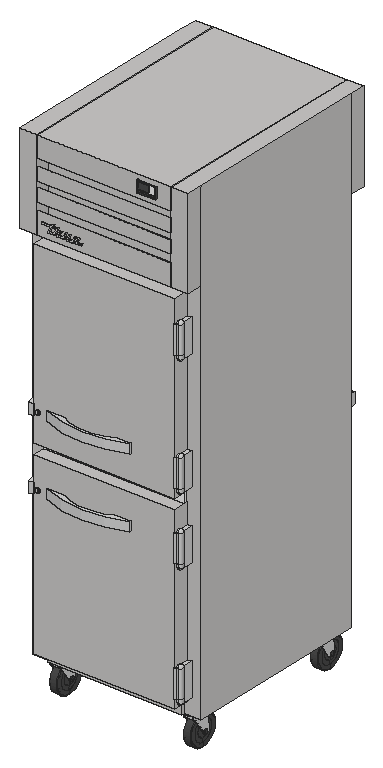
Revit family "QF_TRUE_STG1RPT-2HS-1S-HC", category Specialty Equipment, Revit 2012 (continued)
Automatic sketch dimensions
  Extrusion 6 sketch curve to Extrusion 6 sketch curve = 0.0324"
  Extrusion 6 sketch curve to Extrusion 6 sketch curve = 0.26185"
  Extrusion 6 sketch curve to Extrusion 6 sketch curve = 11/256"
  Extrusion 6 sketch curve to Extrusion 6 sketch curve = 0.07366"
  Extrusion 6 sketch curve to Extrusion 6 sketch curve = 0.02187"
  Extrusion 6 sketch curve to Extrusion 6 sketch curve = 0.06479"
  Extrusion 6 sketch curve to Extrusion 6 sketch curve = 0.01183"
  Extrusion 6 sketch curve to Extrusion 6 sketch curve = 0.05778"
  Extrusion 6 sketch curve to Extrusion 6 sketch curve = 0.53375"
  Extrusion 6 sketch curve to Extrusion 6 sketch curve = 0.23098"
  Extrusion 6 sketch curve to Extrusion 6 sketch curve = 0"
  Extrusion 6 sketch curve to Extrusion 6 sketch curve = 0.05045"
  Extrusion 6 sketch curve to Extrusion 6 sketch curve = 0.09139"
  Extrusion 6 sketch curve to Extrusion 6 sketch curve = 29/128"  (x3)
  Extrusion 9 sketch curve to Extrusion 9 sketch curve = 1/4"  (x2)
  Extrusion 9 sketch curve to Extrusion 9 sketch curve = 0.50669"  (x2)
  Extrusion 9 sketch curve to plane 6 = 0.63926"  (x2)
  Extrusion 9 sketch curve to Extrusion 9 sketch curve = 2 1/2"  (x2)
  level to Extrusion 9 sketch curve = 2.59003"
  Extrusion 9 sketch curve to Extrusion 9 sketch curve = 0.59966"  (x2)
  Extrusion 9 sketch curve to Extrusion 9 sketch curve = 0.07363"
  level to Extrusion 9 sketch curve = 2.5164"
  Extrusion 9 sketch curve to Extrusion 9 sketch curve = 0.32905"
  Extrusion 9 sketch curve to Extrusion 9 sketch curve = 0.60485"  (x2)
  Extrusion 10 sketch curve to Extrusion 10 sketch curve = 1/4"  (x2)
  Extrusion 10 sketch curve to Extrusion 10 sketch curve = 0.50669"  (x2)
  Extrusion 10 sketch curve to plane 6 = 0.63926"  (x2)
  Extrusion 10 sketch curve to Extrusion 10 sketch curve = 2 1/2"  (x2)
  level to Extrusion 10 sketch curve = 2.59003"
  Extrusion 10 sketch curve to Extrusion 10 sketch curve = 0.59966"  (x2)
  Extrusion 10 sketch curve to Extrusion 10 sketch curve = 0.07363"
  level to Extrusion 10 sketch curve = 2.5164"
  Extrusion 10 sketch curve to Extrusion 10 sketch curve = 0.32905"
  Extrusion 10 sketch curve to Extrusion 10 sketch curve = 0.60485"  (x2)
  Extrusion 15 sketch curve to Extrusion 15 sketch curve = 1/4"  (x2)
  Extrusion 15 sketch curve to plane 6 = 0.63926"  (x2)
  Extrusion 15 sketch curve to Extrusion 15 sketch curve = 2 1/2"  (x2)
  Extrusion 15 sketch curve to plane 6 = 0.93273"  (x2)
  Extrusion 15 sketch curve to Extrusion 15 sketch curve = 0.03603"
  Extrusion 15 sketch curve to plane 6 = 1.24411"
  plane 2 "LEFT" to Revolve 16 sketch curve = 1.33602"
  Revolve 16 sketch curve to Revolve 16 sketch curve = 0.48273"
  Revolve 16 sketch curve to Revolve 16 sketch curve = 0.1"  (x2)
  Revolve 16 sketch curve to Revolve 16 sketch curve = 0.16101"  (x2)
  Revolve 16 sketch curve to Revolve 16 sketch curve = 1/2"
  Revolve 16 sketch curve to Revolve 16 sketch curve = 0.16509"  (x2)
  Revolve 16 sketch curve to Revolve 16 sketch curve = 0.39592"
  level to Revolve 16 sketch curve = 2 1/2"
  Revolve 16 sketch curve to Revolve 16 sketch curve = 0"
  Revolve 16 sketch curve to Revolve 16 sketch curve = 0.29941"  (x2)
  Revolve 16 sketch curve to Revolve 16 sketch curve = 3/4"  (x4)
  Revolve 16 sketch curve to Revolve 16 sketch curve = 0.59652"
  Revolve 16 sketch curve to Revolve 16 sketch curve = 0.60059"
  Extrusion 17 sketch curve to Extrusion 17 sketch curve = 1/4"  (x2)
  Extrusion 17 sketch curve to Extrusion 17 sketch curve = 0.50669"  (x2)
  Extrusion 17 sketch curve to plane 6 = 0.63926"  (x2)
  Extrusion 17 sketch curve to Extrusion 17 sketch curve = 2 1/2"  (x2)
  level to Extrusion 17 sketch curve = 2.59003"
  Extrusion 17 sketch curve to Extrusion 17 sketch curve = 0.59966"  (x2)
  Extrusion 17 sketch curve to Extrusion 17 sketch curve = 0.07363"
  level to Extrusion 17 sketch curve = 2.5164"
  Extrusion 17 sketch curve to Extrusion 17 sketch curve = 0.32905"
  Extrusion 17 sketch curve to Extrusion 17 sketch curve = 0.60485"  (x2)
  Extrusion 18 sketch curve to Extrusion 18 sketch curve = 1/4"  (x2)
  Extrusion 18 sketch curve to Extrusion 18 sketch curve = 0.50669"  (x2)
  Extrusion 18 sketch curve to plane 6 = 0.63926"  (x2)
  Extrusion 18 sketch curve to Extrusion 18 sketch curve = 2 1/2"  (x2)
  level to Extrusion 18 sketch curve = 2.59003"
  Extrusion 18 sketch curve to Extrusion 18 sketch curve = 0.59966"  (x2)
  Extrusion 18 sketch curve to Extrusion 18 sketch curve = 0.07363"
  level to Extrusion 18 sketch curve = 2.5164"
  Extrusion 18 sketch curve to Extrusion 18 sketch curve = 0.32905"
  Extrusion 18 sketch curve to Extrusion 18 sketch curve = 0.60485"  (x2)
  Revolve 19 sketch curve to plane 6 = 0.62954"
  Revolve 19 sketch curve to Revolve 19 sketch curve = 0.10278"
  Revolve 19 sketch curve to plane 6 = 0.00141"
  plane 6 to Revolve 19 sketch curve = 0.26768"
  Revolve 20 sketch curve to level = 0"
  Revolve 20 sketch curve to Revolve 20 sketch curve = 1/4"
  Revolve 20 sketch curve to plane 6 = 0"
  level to Revolve 20 sketch curve = 1"
  Revolve 20 sketch curve to Revolve 20 sketch curve = 5/8"
  plane 6 to Revolve 20 sketch curve = 1 25/32"
  Revolve 21 sketch curve to level = 0"
  Revolve 21 sketch curve to Revolve 21 sketch curve = 1/4"
  Revolve 21 sketch curve to plane 6 = 0"
  level to Revolve 21 sketch curve = 1"
  Revolve 21 sketch curve to Revolve 21 sketch curve = 5/8"
  plane 6 to Revolve 21 sketch curve = 1 25/32"
  Revolve 22 sketch curve to plane 6 = 0.62954"
  Revolve 22 sketch curve to Revolve 22 sketch curve = 0.10278"
  Revolve 22 sketch curve to plane 6 = 0.00141"
  plane 6 to Revolve 22 sketch curve = 0.26768"
  Extrusion 23 sketch curve to Extrusion 23 sketch curve = 1/4"  (x2)
  Extrusion 23 sketch curve to plane 6 = 0.63926"  (x2)
  Extrusion 23 sketch curve to Extrusion 23 sketch curve = 2 1/2"  (x2)
  Extrusion 23 sketch curve to plane 6 = 0.93273"  (x2)
  Extrusion 23 sketch curve to Extrusion 23 sketch curve = 0.03603"
  Extrusion 23 sketch curve to plane 6 = 1.24411"
  plane 2 "LEFT" to Extrusion 26 sketch curve = 3/64"
  Extrusion 27 sketch curve to Extrusion 27 sketch curve = 0.20453"
  Extrusion 27 sketch curve to plane 5 "TOP" = 19.57271"
  Extrusion 27 sketch curve to Extrusion 27 sketch curve = 4.39928"
  Extrusion 27 sketch curve to Extrusion 27 sketch curve = 0.71221"
  Revolve 28 sketch curve to Revolve 28 sketch curve = 0.40666"
  Revolve 28 sketch curve to Revolve 28 sketch curve = 0"  (x2)
  Revolve 28 sketch curve to plane 5 "TOP" = 18.75492"
  Revolve 28 sketch curve to Revolve 28 sketch curve = 0.55526"
  Revolve 28 sketch curve to Revolve 28 sketch curve = 0.19474"
  Revolve 28 sketch curve to Revolve 28 sketch curve = 0.14649"
  Revolve 28 sketch curve to Revolve 28 sketch curve = 4.42889"
  Revolve 28 sketch curve to Revolve 28 sketch curve = 0.05342"
  Revolve 28 sketch curve to Revolve 28 sketch curve = 0.51246"
  Revolve 28 sketch curve to Revolve 28 sketch curve = 0.05889"
  Extrusion 29 sketch curve to Extrusion 29 sketch curve = 0.39759"
  Extrusion 29 sketch curve to plane 5 "TOP" = 19.6514"
  Extrusion 29 sketch curve to Extrusion 29 sketch curve = 4.47281"
  Extrusion 30 sketch curve to Extrusion 30 sketch curve = 0.20453"
  plane 6 to Extrusion 30 sketch curve = 38.92729"
  Extrusion 30 sketch curve to Extrusion 30 sketch curve = 4.39928"
  Extrusion 30 sketch curve to Extrusion 30 sketch curve = 0.71221"
  Revolve 31 sketch curve to Revolve 31 sketch curve = 0.40666"
  Revolve 31 sketch curve to Revolve 31 sketch curve = 0"  (x2)
  Revolve 31 sketch curve to plane 5 "TOP" = 38.25492"
  Revolve 31 sketch curve to Revolve 31 sketch curve = 0.55526"
  Revolve 31 sketch curve to Revolve 31 sketch curve = 0.19474"
  Revolve 31 sketch curve to Revolve 31 sketch curve = 0.14649"
  Revolve 31 sketch curve to Revolve 31 sketch curve = 4.42889"
  Revolve 31 sketch curve to Revolve 31 sketch curve = 0.05342"
  Revolve 31 sketch curve to Revolve 31 sketch curve = 0.51246"
  Revolve 31 sketch curve to Revolve 31 sketch curve = 0.05889"
  Extrusion 32 sketch curve to Extrusion 32 sketch curve = 0.39759"
  plane 6 to Extrusion 32 sketch curve = 38.8486"
  Extrusion 32 sketch curve to Extrusion 32 sketch curve = 4.47281"
  Extrusion 33 sketch curve to Extrusion 33 sketch curve = 0.20453"
  plane 6 to Extrusion 33 sketch curve = 27.92729"
  Extrusion 33 sketch curve to Extrusion 33 sketch curve = 4.39928"
  Extrusion 33 sketch curve to Extrusion 33 sketch curve = 0.71221"
  Revolve 34 sketch curve to Revolve 34 sketch curve = 0.40666"
  Revolve 34 sketch curve to Revolve 34 sketch curve = 0"  (x2)
  plane 6 to Revolve 34 sketch curve = 28.74508"
  Revolve 34 sketch curve to Revolve 34 sketch curve = 0.55526"
  Revolve 34 sketch curve to Revolve 34 sketch curve = 0.19474"
  Revolve 34 sketch curve to Revolve 34 sketch curve = 0.14649"
  Revolve 34 sketch curve to Revolve 34 sketch curve = 4.42889"
  Revolve 34 sketch curve to Revolve 34 sketch curve = 0.05342"
  Revolve 34 sketch curve to Revolve 34 sketch curve = 0.51246"
  Revolve 34 sketch curve to Revolve 34 sketch curve = 0.05889"
  Extrusion 35 sketch curve to Extrusion 35 sketch curve = 0.39759"
  plane 6 to Extrusion 35 sketch curve = 27.8486"
  Extrusion 35 sketch curve to Extrusion 35 sketch curve = 4.47281"
  Extrusion 36 sketch curve to Extrusion 36 sketch curve = 0.20453"
  plane 6 to Extrusion 36 sketch curve = 8.17729"
  plane 6 to Extrusion 36 sketch curve = 3.57348"
  Extrusion 36 sketch curve to Extrusion 36 sketch curve = 0.75105"
  Revolve 37 sketch curve to Revolve 37 sketch curve = 0"
  plane 6 to Revolve 37 sketch curve = 8.99508"
  Revolve 37 sketch curve to Revolve 37 sketch curve = 0.55526"
  Revolve 37 sketch curve to Revolve 37 sketch curve = 0.19474"
  Revolve 37 sketch curve to Revolve 37 sketch curve = 0.14649"
  plane 6 to Revolve 37 sketch curve = 3.62689"
  Revolve 37 sketch curve to Revolve 37 sketch curve = 0.05342"
  Revolve 37 sketch curve to Revolve 37 sketch curve = 0.51246"
  Revolve 37 sketch curve to Revolve 37 sketch curve = 0.05889"
  Extrusion 38 sketch curve to Extrusion 38 sketch curve = 0.39759"
  plane 6 to Extrusion 38 sketch curve = 8.0986"
  plane 6 to Extrusion 38 sketch curve = 3.62579"
  Extrusion 43 sketch curve to Extrusion 43 sketch curve = 0.20453"
  Extrusion 43 sketch curve to plane 5 "TOP" = 19.66646"
  Extrusion 43 sketch curve to Extrusion 43 sketch curve = 4.39928"
  Extrusion 43 sketch curve to Extrusion 43 sketch curve = 0.71221"
  Revolve 44 sketch curve to Revolve 44 sketch curve = 0.40666"
  Revolve 44 sketch curve to Revolve 44 sketch curve = 0"  (x2)
  Revolve 44 sketch curve to plane 5 "TOP" = 18.84867"
  Revolve 44 sketch curve to Revolve 44 sketch curve = 0.55526"
  Revolve 44 sketch curve to Revolve 44 sketch curve = 0.19474"
  Revolve 44 sketch curve to Revolve 44 sketch curve = 0.14649"
  Revolve 44 sketch curve to Revolve 44 sketch curve = 4.42889"
  Revolve 44 sketch curve to Revolve 44 sketch curve = 0.05342"
  Revolve 44 sketch curve to Revolve 44 sketch curve = 0.51246"
  Revolve 44 sketch curve to Revolve 44 sketch curve = 0.05889"
  Extrusion 46 sketch curve to Extrusion 46 sketch curve = 0.20453"
  plane 6 to Extrusion 46 sketch curve = 38.83354"
  Extrusion 46 sketch curve to Extrusion 46 sketch curve = 4.39928"
  Extrusion 46 sketch curve to Extrusion 46 sketch curve = 0.71221"
  Revolve 47 sketch curve to Revolve 47 sketch curve = 0.40666"
  Revolve 47 sketch curve to Revolve 47 sketch curve = 0"  (x2)
  Revolve 47 sketch curve to plane 5 "TOP" = 38.34867"
  Revolve 47 sketch curve to Revolve 47 sketch curve = 0.55526"
  Revolve 47 sketch curve to Revolve 47 sketch curve = 0.19474"
  Revolve 47 sketch curve to Revolve 47 sketch curve = 0.14649"
  Revolve 47 sketch curve to Revolve 47 sketch curve = 4.42889"
  Revolve 47 sketch curve to Revolve 47 sketch curve = 0.05342"
  Revolve 47 sketch curve to Revolve 47 sketch curve = 0.51246"
  Revolve 47 sketch curve to Revolve 47 sketch curve = 0.05889"
  Extrusion 49 sketch curve to Extrusion 49 sketch curve = 0.20453"
  plane 6 to Extrusion 49 sketch curve = 27.83354"
  Extrusion 49 sketch curve to Extrusion 49 sketch curve = 4.39928"
  Extrusion 49 sketch curve to Extrusion 49 sketch curve = 0.71221"
  Revolve 50 sketch curve to Revolve 50 sketch curve = 0.40666"
  Revolve 50 sketch curve to Revolve 50 sketch curve = 0"  (x2)
  plane 6 to Revolve 50 sketch curve = 28.65133"
  Revolve 50 sketch curve to Revolve 50 sketch curve = 0.55526"
  Revolve 50 sketch curve to Revolve 50 sketch curve = 0.19474"
  Revolve 50 sketch curve to Revolve 50 sketch curve = 0.14649"
  Revolve 50 sketch curve to Revolve 50 sketch curve = 4.42889"
  Revolve 50 sketch curve to Revolve 50 sketch curve = 0.05342"
  Revolve 50 sketch curve to Revolve 50 sketch curve = 0.51246"
  Revolve 50 sketch curve to Revolve 50 sketch curve = 0.05889"
  Extrusion 52 sketch curve to Extrusion 52 sketch curve = 0.20453"
  plane 6 to Extrusion 52 sketch curve = 8.08354"
  plane 6 to Extrusion 52 sketch curve = 3.47973"
  Extrusion 52 sketch curve to Extrusion 52 sketch curve = 0.71221"
  Revolve 53 sketch curve to Revolve 53 sketch curve = 0.40666"
  Revolve 53 sketch curve to Revolve 53 sketch curve = 0"  (x2)
  plane 6 to Revolve 53 sketch curve = 8.90133"
  Revolve 53 sketch curve to Revolve 53 sketch curve = 0.55526"
  Revolve 53 sketch curve to Revolve 53 sketch curve = 0.19474"
  Revolve 53 sketch curve to Revolve 53 sketch curve = 0.14649"
  plane 6 to Revolve 53 sketch curve = 3.53314"
  Revolve 53 sketch curve to Revolve 53 sketch curve = 0.05342"
  Revolve 53 sketch curve to Revolve 53 sketch curve = 0.51246"
  Revolve 53 sketch curve to Revolve 53 sketch curve = 0.05889"
  Extrusion 55 sketch curve to Extrusion 55 sketch curve = 0.0555"
  plane 6 to Extrusion 55 sketch curve = 25.91365"
  Extrusion 55 sketch curve to Extrusion 55 sketch curve = 0.27385"
  Extrusion 55 sketch curve to Extrusion 55 sketch curve = 0.29355"
  Blend 56 sketch curve to Blend 56 sketch curve = 3/4"
  plane 6 to Blend 56 sketch curve = 27.00831"
  Blend 56 sketch curve to Blend 56 sketch curve = 1 3/4"
  Blend 56 sketch curve to Blend 56 sketch curve = 0.93223"
  plane 6 to Blend 56 sketch curve = 27.6059"
  Blend 56 sketch curve to Blend 56 sketch curve = 2.78233"
  Extrusion 57 sketch curve to plane 4 "FRONT" = 3/16"  (x2)
  Extrusion 57 sketch curve to Extrusion 57 sketch curve = 2.37851"  (x2)
  Extrusion 57 sketch curve to Extrusion 57 sketch curve = 0"
  Extrusion 57 sketch curve to Extrusion 57 sketch curve = 0.2122"
  Extrusion 57 sketch curve to Extrusion 57 sketch curve = 7.30945"
  Extrusion 61 sketch curve to Extrusion 61 sketch curve = 0.0555"
  plane 6 to Extrusion 61 sketch curve = 37.26895"
  Extrusion 61 sketch curve to Extrusion 61 sketch curve = 0.29355"
  Extrusion 61 sketch curve to Extrusion 61 sketch curve = 0.27385"
  Blend 62 sketch curve to Blend 62 sketch curve = 3/4"
  plane 6 to Blend 62 sketch curve = 38.49169"
  Blend 62 sketch curve to Blend 62 sketch curve = 1 3/4"
  Blend 62 sketch curve to Blend 62 sketch curve = 0.93223"
  plane 6 to Blend 62 sketch curve = 38.92643"
  Blend 62 sketch curve to Blend 62 sketch curve = 2.78233"
  Extrusion 63 sketch curve to plane 4 "FRONT" = 3/16"  (x2)
  Extrusion 63 sketch curve to Extrusion 63 sketch curve = 2.37851"  (x2)
  Extrusion 63 sketch curve to Extrusion 63 sketch curve = 0"
  Extrusion 63 sketch curve to Extrusion 63 sketch curve = 0.2122"
  Extrusion 63 sketch curve to Extrusion 63 sketch curve = 7.30945"
  plane 2 "LEFT" to Revolve 65 sketch curve = 1.33602"
  Revolve 65 sketch curve to Revolve 65 sketch curve = 0.48273"
  Revolve 65 sketch curve to Revolve 65 sketch curve = 0.1"  (x2)
  Revolve 65 sketch curve to Revolve 65 sketch curve = 0.16101"  (x2)
  Revolve 65 sketch curve to Revolve 65 sketch curve = 1/2"
  Revolve 65 sketch curve to Revolve 65 sketch curve = 0.16509"  (x2)
  Revolve 65 sketch curve to Revolve 65 sketch curve = 0.39592"
  level to Revolve 65 sketch curve = 2 1/2"
  Revolve 65 sketch curve to Revolve 65 sketch curve = 0"
  Revolve 65 sketch curve to Revolve 65 sketch curve = 0.29941"  (x2)
  Revolve 65 sketch curve to Revolve 65 sketch curve = 3/4"  (x4)
  Revolve 65 sketch curve to Revolve 65 sketch curve = 0.59652"
  Revolve 65 sketch curve to Revolve 65 sketch curve = 0.60059"
  Extrusion 9 sketch curve to Extrusion 9 sketch curve = 1.7492"
  Extrusion 10 sketch curve to Extrusion 10 sketch curve = 1.7492"
  Extrusion 17 sketch curve to Extrusion 17 sketch curve = 1.7492"
  Extrusion 18 sketch curve to Extrusion 18 sketch curve = 1.7492"
  Extrusion 27 sketch curve to Extrusion 27 sketch curve = 1.50065"
  Extrusion 30 sketch curve to Extrusion 30 sketch curve = 1.50065"
  Extrusion 33 sketch curve to Extrusion 33 sketch curve = 1.50065"
  Extrusion 36 sketch curve to Extrusion 36 sketch curve = 1.50065"
  Extrusion 3 sketch curve to Extrusion 3 sketch curve = 1/2"
  Extrusion 5 sketch curve to Extrusion 5 sketch curve = 2 9/16"
  Extrusion 9 sketch curve to Extrusion 9 sketch curve = 0.35555"
  Extrusion 10 sketch curve to Extrusion 10 sketch curve = 0.35555"
  Extrusion 17 sketch curve to Extrusion 17 sketch curve = 0.35555"
  Extrusion 18 sketch curve to Extrusion 18 sketch curve = 0.35555"
  Extrusion 43 sketch curve to Extrusion 43 sketch curve = 1.50065"
  Extrusion 46 sketch curve to Extrusion 46 sketch curve = 1.50065"
  Extrusion 49 sketch curve to Extrusion 49 sketch curve = 1.50065"
  Extrusion 52 sketch curve to Extrusion 52 sketch curve = 1.50065"
  Extrusion 1 sketch curve to plane 4 "FRONT" = 2 3/4"
  plane 7 to Extrusion 3 sketch curve = 2.3292"
  plane 7 to Extrusion 3 sketch curve = 2.7042"
  plane 7 to Extrusion 3 sketch curve = 2.2042"
  Extrusion 3 sketch curve to Extrusion 3 sketch curve = 0"  (x2)
  plane 7 to Extrusion 3 sketch curve = 0.1417"  (x4)
  Extrusion 5 sketch curve to plane 4 "FRONT" = 3/16"
  Extrusion 9 sketch curve to plane 4 "FRONT" = 6.90419"
  Extrusion 10 sketch curve to plane 4 "FRONT" = 6.90419"
  Extrusion 15 sketch curve to plane 4 "FRONT" = 6.58467"
  Extrusion 17 sketch curve to plane 4 "FRONT" = 6.90419"
  Extrusion 18 sketch curve to plane 4 "FRONT" = 6.90419"
  Extrusion 23 sketch curve to plane 4 "FRONT" = 6.58467"
  Extrusion 43 sketch curve to plane 4 "FRONT" = 0.60979"
  Extrusion 43 sketch curve to Extrusion 43 sketch curve = 0.43503"
  Revolve 44 sketch curve to plane 4 "FRONT" = 3/8"  (x2)
  Revolve 44 sketch curve to Revolve 44 sketch curve = 0.02425"
  Revolve 44 sketch curve to Revolve 44 sketch curve = 0.38436"
  Extrusion 46 sketch curve to plane 4 "FRONT" = 0.60979"
  Extrusion 46 sketch curve to Extrusion 46 sketch curve = 0.43503"
  Revolve 47 sketch curve to plane 4 "FRONT" = 3/8"  (x2)
  Revolve 47 sketch curve to Revolve 47 sketch curve = 0.02425"
  Revolve 47 sketch curve to Revolve 47 sketch curve = 0.02231"
  Extrusion 49 sketch curve to plane 4 "FRONT" = 0.60979"
  Extrusion 49 sketch curve to Extrusion 49 sketch curve = 0.43503"
  Revolve 50 sketch curve to plane 4 "FRONT" = 3/8"  (x2)
  Revolve 50 sketch curve to Revolve 50 sketch curve = 0.02425"
  Revolve 50 sketch curve to Revolve 50 sketch curve = 0.02231"
  Extrusion 52 sketch curve to plane 4 "FRONT" = 0.60979"
  Extrusion 52 sketch curve to Extrusion 52 sketch curve = 0.43503"
  Revolve 53 sketch curve to plane 4 "FRONT" = 3/8"  (x2)
  Revolve 53 sketch curve to Revolve 53 sketch curve = 0.02425"
  Revolve 53 sketch curve to Revolve 53 sketch curve = 0.02231"
  Extrusion 57 sketch curve to plane 4 "FRONT" = 7.95429"
  Extrusion 63 sketch curve to plane 4 "FRONT" = 7.95429"
  plane 8 to Extrusion 1 sketch curve = 2 3/4"
  plane 8 to Extrusion 3 sketch curve = 2 3/4"  (x2)
  plane 8 to Extrusion 3 sketch curve = 2.15841"  (x2)
  plane 8 to Extrusion 3 sketch curve = 3/16"  (x4)
  plane 8 to Extrusion 9 sketch curve = 6.82645"
  plane 8 to Extrusion 10 sketch curve = 6.82645"
  plane 8 to Extrusion 15 sketch curve = 6.82645"
  plane 8 to Extrusion 17 sketch curve = 6.82645"
  plane 8 to Extrusion 18 sketch curve = 6.82645"
  plane 8 to Extrusion 23 sketch curve = 6.82645"
  plane 8 to Extrusion 26 sketch curve = 2 3/4"
  plane 8 to Extrusion 26 sketch curve = 3/16"
  plane 8 to Extrusion 27 sketch curve = 0.60979"
  Extrusion 27 sketch curve to Extrusion 27 sketch curve = 0.43503"
  plane 8 to Revolve 28 sketch curve = 3/16"  (x2)
  Revolve 28 sketch curve to Revolve 28 sketch curve = 0.38242"
  Revolve 28 sketch curve to Revolve 28 sketch curve = 0.02231"
  plane 8 to Extrusion 30 sketch curve = 0.60979"
  Extrusion 30 sketch curve to Extrusion 30 sketch curve = 0.43503"
  plane 8 to Revolve 31 sketch curve = 3/16"  (x2)
  Revolve 31 sketch curve to Revolve 31 sketch curve = 0.38242"
  Revolve 31 sketch curve to Revolve 31 sketch curve = 0.02231"
  plane 8 to Extrusion 33 sketch curve = 0.60979"
  Extrusion 33 sketch curve to Extrusion 33 sketch curve = 0.43503"
  plane 8 to Revolve 34 sketch curve = 3/16"  (x2)
  Revolve 34 sketch curve to Revolve 34 sketch curve = 0.38242"
  Revolve 34 sketch curve to Revolve 34 sketch curve = 0.38436"
  plane 8 to Extrusion 36 sketch curve = 0.60979"
  Extrusion 36 sketch curve to Extrusion 36 sketch curve = 0.43503"
  plane 8 to Revolve 37 sketch curve = 3/16"  (x2)
  Revolve 37 sketch curve to Revolve 37 sketch curve = 0.38242"
  Revolve 37 sketch curve to Revolve 37 sketch curve = 0.38436"
  plane 8 to Revolve 37 sketch curve = 0.59416"
  Revolve 37 sketch curve to Revolve 37 sketch curve = 0.40666"
  plane 2 "LEFT" to Extrusion 1 sketch curve = 2 55/64"
  Extrusion 5 sketch curve to Extrusion 5 sketch curve = 2 13/16"
  plane 2 "LEFT" to Extrusion 6 sketch curve = 3.68957"
  Revolve 16 sketch curve to Revolve 16 sketch curve = 0.4"
  Revolve 16 sketch curve to Revolve 16 sketch curve = 0.75408"
  Revolve 16 sketch curve to Revolve 16 sketch curve = 0.10408"
  plane 2 "LEFT" to Revolve 19 sketch curve = 1.54668"
  Revolve 19 sketch curve to Revolve 19 sketch curve = 1.29707"
  Revolve 19 sketch curve to Revolve 19 sketch curve = 0"
  plane 2 "LEFT" to Revolve 20 sketch curve = 1.51037"
  plane 2 "LEFT" to Revolve 20 sketch curve = 2 3/32"
  Revolve 20 sketch curve to Revolve 20 sketch curve = 1/2"
  Revolve 20 sketch curve to Revolve 20 sketch curve = 0"
  plane 2 "LEFT" to Revolve 21 sketch curve = 1.51037"
  plane 2 "LEFT" to Revolve 21 sketch curve = 2 3/32"
  Revolve 21 sketch curve to Revolve 21 sketch curve = 1/2"
  Revolve 21 sketch curve to Revolve 21 sketch curve = 0"
  plane 2 "LEFT" to Revolve 22 sketch curve = 1.54668"
  Revolve 22 sketch curve to Revolve 22 sketch curve = 1.29707"
  Revolve 22 sketch curve to Revolve 22 sketch curve = 0"
  Extrusion 26 sketch curve to Extrusion 26 sketch curve = 2 13/16"
  plane 2 "LEFT" to Extrusion 29 sketch curve = 1.88366"
  plane 2 "LEFT" to Extrusion 32 sketch curve = 1.88366"
  plane 2 "LEFT" to Extrusion 35 sketch curve = 1.88366"
  plane 2 "LEFT" to Extrusion 38 sketch curve = 1.88366"
  plane 2 "LEFT" to Extrusion 55 sketch curve = 3.0734"
  Extrusion 55 sketch curve to Extrusion 55 sketch curve = 0.02035"
  plane 2 "LEFT" to Blend 56 sketch curve = 2 9/32"  (x2)
  plane 2 "LEFT" to Extrusion 57 sketch curve = 4 9/16"
  Extrusion 57 sketch curve to Extrusion 57 sketch curve = 4.42149"
  plane 2 "LEFT" to Extrusion 61 sketch curve = 3.0734"
  Extrusion 61 sketch curve to Extrusion 61 sketch curve = 0.02035"
  plane 2 "LEFT" to Blend 62 sketch curve = 2 9/32"  (x2)
  plane 2 "LEFT" to Extrusion 63 sketch curve = 4 9/16"
  Extrusion 63 sketch curve to Extrusion 63 sketch curve = 4.42149"
  Revolve 65 sketch curve to Revolve 65 sketch curve = 0.4"
  Revolve 65 sketch curve to Revolve 65 sketch curve = 0.75408"
  Revolve 65 sketch curve to Revolve 65 sketch curve = 0.10408"
  Extrusion 2 sketch curve to plane 3 "RIGHT" = 0"
  Extrusion 2 sketch curve to plane 3 "RIGHT" = 2 55/64"
  Extrusion 2 sketch curve to plane 4 "FRONT" = 2 3/4"
  plane 8 to Extrusion 2 sketch curve = 2 3/4"
  Extrusion 4 sketch curve to plane 3 "RIGHT" = 2 55/64"
  Extrusion 4 sketch curve to plane 3 "RIGHT" = 3/64"
  Extrusion 4 sketch curve to plane 4 "FRONT" = 3/16"
  Extrusion 4 sketch curve to Extrusion 4 sketch curve = 2 9/16"
  Extrusion 7 sketch curve to plane 3 "RIGHT" = 3 1/4"
  Extrusion 7 sketch curve to plane 5 "TOP" = 2 1/8"
  Revolve 8 sketch curve to plane 3 "RIGHT" = 4.35148"
  Revolve 8 sketch curve to Revolve 8 sketch curve = 0.48273"
  Revolve 8 sketch curve to Revolve 8 sketch curve = 0.4"
  Revolve 8 sketch curve to Revolve 8 sketch curve = 0"  (x2)
  Revolve 8 sketch curve to Revolve 8 sketch curve = 0.1"  (x2)
  Revolve 8 sketch curve to Revolve 8 sketch curve = 0.16101"
  Revolve 8 sketch curve to Revolve 8 sketch curve = 0.75408"
  Revolve 8 sketch curve to Revolve 8 sketch curve = 0.92798"
  Revolve 8 sketch curve to Revolve 8 sketch curve = 0.06101"
  Revolve 8 sketch curve to Revolve 8 sketch curve = 1/2"
  Revolve 8 sketch curve to Revolve 8 sketch curve = 0.16509"
  Revolve 8 sketch curve to Revolve 8 sketch curve = 0.39592"
  level to Revolve 8 sketch curve = 2 1/2"
  Revolve 8 sketch curve to Revolve 8 sketch curve = 0.29941"  (x2)
  Revolve 8 sketch curve to Revolve 8 sketch curve = 3/4"  (x4)
  Revolve 8 sketch curve to Revolve 8 sketch curve = 0.59652"
  Revolve 8 sketch curve to Revolve 8 sketch curve = 0.60059"
  Revolve 11 sketch curve to plane 6 = 0.62954"
  Revolve 11 sketch curve to plane 3 "RIGHT" = 4.14082"
  Revolve 11 sketch curve to Revolve 11 sketch curve = 1.29707"
  Revolve 11 sketch curve to Revolve 11 sketch curve = 0"
  Revolve 11 sketch curve to Revolve 11 sketch curve = 0.10278"
  Revolve 11 sketch curve to plane 6 = 0.00141"
  plane 6 to Revolve 11 sketch curve = 0.26768"
  Revolve 12 sketch curve to level = 0"
  Revolve 12 sketch curve to plane 6 = 0"
  Revolve 12 sketch curve to plane 3 "RIGHT" = 4.17713"
  level to Revolve 12 sketch curve = 1"
  Revolve 12 sketch curve to plane 3 "RIGHT" = 3 19/32"
  Revolve 12 sketch curve to Revolve 12 sketch curve = 1/4"
  Revolve 12 sketch curve to Revolve 12 sketch curve = 1/2"
  Revolve 12 sketch curve to Revolve 12 sketch curve = 0"
  Revolve 12 sketch curve to Revolve 12 sketch curve = 5/8"
  plane 6 to Revolve 12 sketch curve = 1 25/32"
  Revolve 13 sketch curve to level = 0"
  Revolve 13 sketch curve to plane 6 = 0"
  Revolve 13 sketch curve to plane 3 "RIGHT" = 4.17713"
  level to Revolve 13 sketch curve = 1"
  Revolve 13 sketch curve to plane 3 "RIGHT" = 3 19/32"
  Revolve 13 sketch curve to Revolve 13 sketch curve = 1/4"
  Revolve 13 sketch curve to Revolve 13 sketch curve = 1/2"
  Revolve 13 sketch curve to Revolve 13 sketch curve = 0"
  Revolve 13 sketch curve to Revolve 13 sketch curve = 5/8"
  plane 6 to Revolve 13 sketch curve = 1 25/32"
  Revolve 14 sketch curve to plane 6 = 0.62954"
  Revolve 14 sketch curve to plane 3 "RIGHT" = 4.14082"
  Revolve 14 sketch curve to Revolve 14 sketch curve = 1.29707"
  Revolve 14 sketch curve to Revolve 14 sketch curve = 0"
  Revolve 14 sketch curve to Revolve 14 sketch curve = 0.10278"
  Revolve 14 sketch curve to plane 6 = 0.00141"
  plane 6 to Revolve 14 sketch curve = 0.26768"
  plane 2 "LEFT" to Extrusion 24 sketch curve = 2 9/32"
  Extrusion 24 sketch curve to plane 3 "RIGHT" = 2 9/32"
  Extrusion 24 sketch curve to plane 5 "TOP" = 16 5/32"
  plane 6 to Extrusion 24 sketch curve = 1 29/32"
  Extrusion 25 sketch curve to plane 3 "RIGHT" = 2 55/64"
  Extrusion 25 sketch curve to plane 3 "RIGHT" = 3/64"
  plane 8 to Extrusion 25 sketch curve = 2 3/4"
  plane 8 to Extrusion 25 sketch curve = 3/16"
  Extrusion 40 sketch curve to plane 3 "RIGHT" = 3.0734"
  Extrusion 40 sketch curve to Extrusion 40 sketch curve = 0.02035"
  Extrusion 40 sketch curve to Extrusion 40 sketch curve = 0.0555"
  plane 6 to Extrusion 40 sketch curve = 31.58145"
  Extrusion 40 sketch curve to Extrusion 40 sketch curve = 0.29355"
  Extrusion 40 sketch curve to Extrusion 40 sketch curve = 0.27385"
  Blend 41 sketch curve to plane 3 "RIGHT" = 2 9/32"  (x2)
  Blend 41 sketch curve to Blend 41 sketch curve = 3/4"
  plane 6 to Blend 41 sketch curve = 32.80419"
  Blend 41 sketch curve to Blend 41 sketch curve = 1 3/4"
  Blend 41 sketch curve to Blend 41 sketch curve = 0.93223"
  plane 6 to Blend 41 sketch curve = 33.23893"
  Blend 41 sketch curve to Blend 41 sketch curve = 2.78233"
  plane 2 "LEFT" to Extrusion 42 sketch curve = 2 9/32"
  Extrusion 42 sketch curve to Extrusion 42 sketch curve = 0"
  Extrusion 42 sketch curve to plane 3 "RIGHT" = 2 9/32"  (x2)
  plane 6 to Extrusion 42 sketch curve = 1 29/32"
  Extrusion 42 sketch curve to Extrusion 42 sketch curve = 29 1/8"
  Extrusion 42 sketch curve to Extrusion 42 sketch curve = 1 11/16"
  Extrusion 42 sketch curve to plane 5 "TOP" = 16 5/32"
  Extrusion 45 sketch curve to plane 3 "RIGHT" = 1.88366"
  Extrusion 45 sketch curve to Extrusion 45 sketch curve = 0.39759"
  Extrusion 45 sketch curve to plane 5 "TOP" = 19.74515"
  Extrusion 45 sketch curve to Extrusion 45 sketch curve = 4.47281"
  Extrusion 48 sketch curve to plane 3 "RIGHT" = 1.88366"
  Extrusion 48 sketch curve to Extrusion 48 sketch curve = 0.39759"
  plane 6 to Extrusion 48 sketch curve = 38.75485"
  Extrusion 48 sketch curve to Extrusion 48 sketch curve = 4.47281"
  Extrusion 51 sketch curve to plane 3 "RIGHT" = 1.88366"
  Extrusion 51 sketch curve to Extrusion 51 sketch curve = 0.39759"
  plane 6 to Extrusion 51 sketch curve = 27.75485"
  Extrusion 51 sketch curve to Extrusion 51 sketch curve = 4.47281"
  Extrusion 54 sketch curve to plane 3 "RIGHT" = 1.88366"
  Extrusion 54 sketch curve to Extrusion 54 sketch curve = 0.39759"
  plane 6 to Extrusion 54 sketch curve = 8.00485"
  plane 6 to Extrusion 54 sketch curve = 3.53204"
  plane 2 "LEFT" to Extrusion 58 sketch curve = 2 9/32"
  Extrusion 58 sketch curve to plane 3 "RIGHT" = 2 9/32"
  plane 6 to Extrusion 58 sketch curve = 31 1/32"
  Extrusion 58 sketch curve to Extrusion 58 sketch curve = 1 11/16"
  Extrusion 59 sketch curve to plane 5 "TOP" = 2.55982"
  Extrusion 59 sketch curve to plane 3 "RIGHT" = 8.1621"
  Extrusion 59 sketch curve to Extrusion 59 sketch curve = 2 29/32"
  Extrusion 59 sketch curve to plane 5 "TOP" = 13/16"
  Extrusion 60 sketch curve to plane 5 "TOP" = 3/4"
  Extrusion 60 sketch curve to plane 3 "RIGHT" = 8.2246"
  Extrusion 60 sketch curve to Extrusion 60 sketch curve = 1/16"  (x4)
  Extrusion 60 sketch curve to Extrusion 60 sketch curve = 0.1375"  (x2)
  Extrusion 60 sketch curve to Extrusion 60 sketch curve = 1/4"  (x4)
  Extrusion 60 sketch curve to Extrusion 60 sketch curve = 0.44601"
  Extrusion 60 sketch curve to Extrusion 60 sketch curve = 1/2"  (x2)
  Extrusion 60 sketch curve to Extrusion 60 sketch curve = 0.0035"
  Extrusion 60 sketch curve to Extrusion 60 sketch curve = 1.06923"
  Extrusion 60 sketch curve to plane 5 "TOP" = 0.95"
  Extrusion 60 sketch curve to Extrusion 60 sketch curve = 1"
  Extrusion 60 sketch curve to Extrusion 60 sketch curve = 0.34106"  (x3)
  Extrusion 60 sketch curve to Extrusion 60 sketch curve = 0"
  Extrusion 60 sketch curve to Extrusion 60 sketch curve = 0.26876"
  Revolve 64 sketch curve to plane 3 "RIGHT" = 4.35148"
  Revolve 64 sketch curve to Revolve 64 sketch curve = 0.48273"
  Revolve 64 sketch curve to Revolve 64 sketch curve = 0.4"
  Revolve 64 sketch curve to Revolve 64 sketch curve = 0"  (x2)
  Revolve 64 sketch curve to Revolve 64 sketch curve = 0.1"  (x2)
  Revolve 64 sketch curve to Revolve 64 sketch curve = 0.16101"
  Revolve 64 sketch curve to Revolve 64 sketch curve = 0.75408"
  Revolve 64 sketch curve to Revolve 64 sketch curve = 0.92798"
  Revolve 64 sketch curve to Revolve 64 sketch curve = 0.06101"
  Revolve 64 sketch curve to Revolve 64 sketch curve = 1/2"
  Revolve 64 sketch curve to Revolve 64 sketch curve = 0.16509"
  Revolve 64 sketch curve to Revolve 64 sketch curve = 0.39592"
  level to Revolve 64 sketch curve = 2 1/2"
  Revolve 64 sketch curve to Revolve 64 sketch curve = 0.29941"  (x2)
  Revolve 64 sketch curve to Revolve 64 sketch curve = 3/4"  (x4)
  Revolve 64 sketch curve to Revolve 64 sketch curve = 0.59652"
  Revolve 64 sketch curve to Revolve 64 sketch curve = 0.60059"
  Extrusion 68 sketch curve to plane 3 "RIGHT" = 2 9/32"
  Extrusion 68 sketch curve to plane 4 "FRONT" = 3/16"
  plane 2 "LEFT" to Extrusion 68 sketch curve = 2 9/32"
  Extrusion 67 sketch curve to plane 10 = 0"
  plane 8 to Extrusion 67 sketch curve = 0.29154"
  plane 2 "LEFT" to Extrusion 67 sketch curve = 1.89296"
  Extrusion 67 sketch curve to Extrusion 67 sketch curve = 0.38829"
  plane 8 to Extrusion 67 sketch curve = 3/16"
  curve 1 to plane 2 "LEFT" = 0"
  plane 4 "FRONT" to curve 23 = 0"
  plane 4 "FRONT" to curve 26 = 0"
  curve 5 to plane 3 "RIGHT" = 0"
  plane 2 "LEFT" to curve 12 = 1.20097"
  plane 2 "LEFT" to curve 8 = 1.20097"
  curve 36 to plane 4 "FRONT" = 3/16"
  plane 2 "LEFT" to curve 36 = 2 9/32"
  plane 8 to curve 38 = 3/16"
  plane 2 "LEFT" to curve 38 = 2 9/32"
  curve 37 to curve 38 = 0"
  curve 7 to curve 8 = 1.08591"
  curve 11 to curve 13 = 1.08591"
  curve 36 to curve 23 = 1.40832"
  curve 37 to curve 11 = 1.41972"
  plane 2 "LEFT" to curve 7 = 3.70097"
  curve 23 to curve 29 = 0.81768"
  plane 2 "LEFT" to curve 35 = 5.35429"
  curve 29 to curve 30 = 2.85421"
  curve 30 to curve 25 = 2.97278"
  curve 6 to curve 29 = 6.57561"
  curve 6 to curve 30 = 6.61409"
  curve 25 to curve 30 = 5.44975"
  curve 34 to plane 3 "RIGHT" = 10.33424"
  plane 4 "FRONT" to curve 31 = 0.0247"
  curve 30 to curve 31 = 2.37851"
  curve 29 to curve 26 = 1.11291"
  curve 16 to plane 3 "RIGHT" = 5.39157"
  curve 38 to plane 3 "RIGHT" = 5.35429"
  curve 26 to curve 27 = 3 1/32"
  curve 28 to curve 19 = 0.0149"
  curve 15 to curve 17 = 1.08591"
  curve 19 to curve 21 = 1.08591"
  curve 15 to plane 3 "RIGHT" = 2.89157"
  curve 18 to plane 3 "RIGHT" = 2.67844"
  curve 36 to plane 3 "RIGHT" = 2 9/32"
  curve 35 to curve 36 = 0"
  curve 3 to curve 5 = 2 9/16"
  curve 28 to curve 21 = 3.74099"
  curve 5 to curve 9 = 1.40562"
  curve 20 to curve 20 = 0.62695"
  curve 8 to curve 8 = 0.62695"
  curve 13 to curve 37 = 7.78188"
  curve 16 to curve 32 = 7.78188"
  curve 16 to curve 16 = 0.62695"
  curve 12 to curve 12 = 0.62695"
  curve 14 to curve 1 = 0.88926"
  Extrusion 66 sketch curve to plane 9 = 0"
  Extrusion 66 sketch curve to plane 4 "FRONT" = 0.29154"
  Extrusion 66 sketch curve to plane 3 "RIGHT" = 1.89296"
  Extrusion 66 sketch curve to plane 4 "FRONT" = 3/16"
  Extrusion 66 sketch curve to Extrusion 66 sketch curve = 0.38829"
  plane 8 to Extrusion 39 sketch curve = 3/16"  (x2)
  Extrusion 39 sketch curve to plane 3 "RIGHT" = 4 1/2"
  Extrusion 39 sketch curve to plane 3 "RIGHT" = 6.8785"
  Extrusion 39 sketch curve to plane 3 "RIGHT" = 11 7/16"  (x2)
  Extrusion 39 sketch curve to Extrusion 39 sketch curve = 2.3785"
  Extrusion 39 sketch curve to plane 8 = 0.02467"
  plane 8 to Extrusion 39 sketch curve = 8.21725"
  Extrusion 39 sketch curve to Extrusion 39 sketch curve = 7.70023"
  curve 32 to curve 14 = 0.798"
  curve 32 to curve 38 = 1.40832"
  curve 10 to curve 40 = 4.33812"
  curve 29 to curve 39 = 4.7"
  curve 39 to plane 8 = 0"
  curve 39 to curve 32 = 0.75402"
  curve 29 to curve 39 = 4.94378"
  curve 40 to curve 41 = 2.3785"
  curve 41 to curve 15 = 6.04593"
  curve 41 to curve 15 = 0.87482"
  plane 2 "LEFT" to Extrusion 69 sketch curve = 2 27/32"
  plane 8 to Extrusion 69 sketch curve = 5.44102"
  plane 2 "LEFT" to Extrusion 70 sketch curve = 2 27/32"
  Extrusion 70 sketch curve to plane 4 "FRONT" = 4.71523"
  Extrusion 71 sketch curve to plane 3 "RIGHT" = 2 27/32"
  plane 8 to Extrusion 71 sketch curve = 5.44102"
  Extrusion 72 sketch curve to plane 3 "RIGHT" = 2 27/32"
  Extrusion 72 sketch curve to plane 4 "FRONT" = 4.71523"
  radius of Extrusion 55 sketch curve = 0.35"
  radius of Extrusion 61 sketch curve = 0.35"
  radius of Extrusion 7 sketch curve = 1/4"
  radius of Extrusion 40 sketch curve = 0.35"
  radius of Extrusion 69 sketch curve = 1 1/2"
  radius of Extrusion 70 sketch curve = 1 1/2"
  radius of Extrusion 71 sketch curve = 1 1/2"
  radius of Extrusion 72 sketch curve = 1 1/2"
Connectors (in)
  electrical at (24.25, 2.5625, 82), driven by "Volts", driven by "Watts"
    settings: on Extrusion 7, index 1, voltage 115 V, apparent load 437 VA, apparent load phase1 0 VA, apparent load phase2 0 VA, apparent load phase3 0 VA, power factor 1, load classification "Other", number of poles 1, system type 30, power factor state 1, is connector primary yes, connector utility no, sub classification motor no, connector description "ELECTRICAL CONNECTION"
